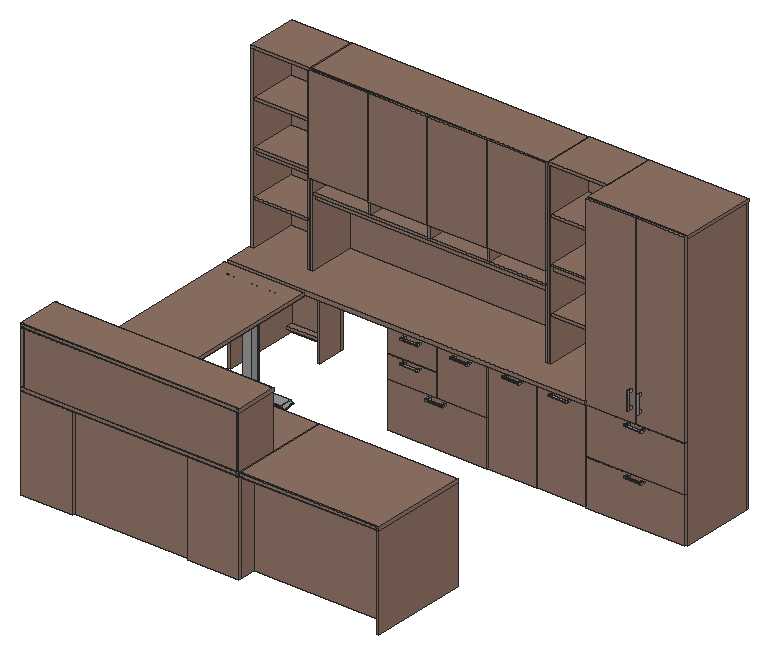
Revit family "JSI-Vision-Typical_Veneer-VSV112", category Furniture, Revit 2020
Family settings
  OmniClass Number = 23.40.20.00
  OmniClass Title = General Furniture and Specialties
  Work Plane-Based = No
  Always vertical = Yes
  Cut with Voids When Loaded = No
  Shared = No
  Room Calculation Point = No
Parameters (values of type "VSV112")
  URL = "www.jsifurniture.com"
  Type Comments = "Typical Veneer"  # constant formula
  Model = "VSV112"
  Manufacturer = "JSI"  # constant formula
  Keynote = "12500"
  Default Elevation = 0"
  Assembly Code = "E2020200"
Reference planes (in)
  plane 1 "Center Front/Back": y = 0
  plane 2: z = 0
  plane 3 "Center Left/Right": x = 0
Dimensions and locks (in)
  aligned and locked: level to plane 2
Nested families (in)
  nested 1: "JSI-Vision-Transaction_Counter" at (65.9375, -102.125, -0.813) x (-1, 0, 0) z (0, 0, 1), type "VSV1366TC, Veneer Transaction Counter 66"W"
    with Height 17.184", Depth 12.996"
  nested 2: "JSI-Vision-Double_Height_Overhead_Bookcase" at (90, 0, -0.8165), type "VSV1618DBO, Veneer Dbl Height Bookcase OH Cab. 16" x 18""
    with Width 18", Unit Centre 9", Depth 15.432"
  nested 3: "JSI-Vision-Modular_Wing_End_Support" at (0, -0.125, 0), type "VSV1624WEAL, Wing End Sup - Left"
    with Depth 24"
  nested 4: "JSI-Vision-Double_Height_Overhead_Cabinets_with_Cubbies" at (18.125, 0, -0.8165), type "VSV1672DSOC, Veneer Dbl H OH Cab. 16" x 72", 4 Doors w Cub"
    with Verticall Partition Distance 35 13/16", Unit Centre 36", Width 72", Door Width Actual 17 13/16", Door Array Spacing 17 15/16", Door Width 17 13/16", Bottom Partition Array Start Distance 17 7/8", Bottom Partition Array Space 17 1/2", Bottom Partition Array Distance 17 15/16", # of bottom Partition 3, # of Doors 4
  nested 5: "JSI-Vision-Credenza_Top" at (108, -24.125, 27.996) x (-1, 0, 0) z (0, 0, 1), type "VSV24108MCT, Veneer Credenza Top, 24" x 108""
    with Height 0", Width 108", Depth 24"
  nested 6: "JSI-Vision-File_File_Lateral_Storage_Cabinet" at (108, 0, 0), type "VSV2430-84FFT, Veneer 84" H Lat File Strg Cab 24" x 30""
    with Width 30", Unit Centre 15", Shelve Width 28 1/2", Drawer Pull Distance(Right) 7 7/16", Drawer Pull Distance(Left) 7 7/16", Door Width 14 7/8"
  nested 7: "JSI-Vision-Modular_Multi_File_Pedestal" at (48.125, -0.2655, 0), type "VSV3024MRM, Veneer Modular Multi File Ped - Right"
    with Multi Pstn 22 5/8", L no, Height 27.996", Depth 24"
  nested 8: "JSI-Vision-Modular_Door_Pedestal" at (78.125, 0.0625, 0), type "VSV3024MSC, Veneer Modular Door Ped"
    with Depth 24"
  nested 9: "JSI-Vision-Rectangle_Desk_Top" at (66, -72.125, -2.004), type "VSV3042MCT, Veneer Rectangular Desk Top, 30" x 42""
  nested 10: "JSI-Vision-Shell_Desk-Break_Front_Modesty" at (66, -102.125, 0) x (-1, 0, 0) z (0, 0, 1), type "VSV3066SHD, Veneer 30 x 66 Shell Desk , Break Front Modesty"
    with Width 66", Height 29.187"
  nested 11: "JSI-Vision_Modular_End_Panel_Return_Shell" at (118, -65.87337, 0) x (0, 1, 0) z (0, 0, 1), type "VSV30EP, Veneer  29 5/8  Modular End Panel for Return Shell"
    with Width 29 5/8", Height 28"
  nested 12: "JSI-Vision-Double_Height_Overhead_Bookcase" at (0.25, 0, -0.8165), type "VSV1618DBO, Veneer Dbl Height Bookcase OH Cab. 16" x 18""
    with Width 18", Unit Centre 9", Depth 15.432"
  nested 13: "JSI-Vision-Adjustable_Table_Height_Bridge-Standard_Range" at (0, -71.125, 0) x (0, 1, 0) z (0, 0, 1), type "VSV2446AHB-S - Adjustable Height Table Standard Range 46"W x 24"D"
  nested 14: "JSI-Vision-L_Bracket" at (66, -95.625, 14.92973) x (0, 1, 0) z (0, 0, 1), type "VSB-LBRKT-20, Matter Black L-Bracket 17"w"
  nested 15: "JSI-Vision-Modular_Break_Front_Modesty_Panel" at (66, -89.625, 0), type "VSV4128MDDE, Modular Break Front Modesty Panel 28"H, 40 5/8"W"
Definition of nested family "JSI-Vision-Transaction_Counter"
  Parameters (values of type "Type Catalog")
    Worksurface = none
    Width = 66"
    URL = "www.jsifurniture.com"
    Type Comments = ""
    Series = "Vision Casegoods"  # constant formula
    Model = "Type Catalog"
    Material = ""
    Manufacturer = "JSI"  # constant formula
    Keynote = "12500"
    JSI Enviromental Website = "http://www.jsifurniture.com/jsi_sustainability_intro.php"
    Height = 17 3/16"
    Desk Height = 30"
    Description = "Type Catalog"
    Depth = 13"
    Default Elevation = 0"
    Chassis = none
    Assembly Code = "E2020200"
  Reference planes (in)
    plane 1 "Center Front/Back": y = 0
    plane 2: z = 0
    plane 3 "Center Left/Right": x = 0
    plane 4: z = 0
    plane 5: x = 66
    plane 6: y = -13
    plane 7: z = 30
    plane 8: z = 47.1875
    plane 9: z = 46
    plane 10: x = 0.125
    plane 11: x = 0.875
    plane 12: x = 65.125
    plane 13: x = 65.875
    plane 14: y = -12.875
    plane 15: y = -0.125
    plane 16: y = -0.875
  Forms (in)
    Extrusion 1, solid, material <- "Worksurface"
      sketch origin (0, 0.25, 40.85066) x (0, 1, 0) y (0, 0, 1)
        loop
          line (-13.13189, 5.14934) -> (-0.36719, 5.14934)
          arc (-0.36719, 5.14934) -> (-0.28432, 5.18366) -> (-0.25, 5.26653) r 0.11719
          line (-0.25, 5.26653) -> (-0.25, 6.21965)
          arc (-0.25, 6.21965) -> (-0.28432, 6.30252) -> (-0.36719, 6.33684) r 0.11719
          line (-0.36719, 6.33684) -> (-13.13189, 6.33684)
          arc (-13.13189, 6.33684) -> (-13.21541, 6.30225) -> (-13.25, 6.21873) r 0.11811
          line (-13.25, 6.21873) -> (-13.25, 5.26745)
          arc (-13.25, 5.26745) -> (-13.21541, 5.18393) -> (-13.13189, 5.14934) r 0.11811
      from 0 to 66
    Extrusion 2, solid, material <- "Chassis"
      sketch origin (0, 0, 0) x (1, 0, 0) y (0, 1, 0)
        loop
          line (0.125, -0.125) -> (0.125, -12.875) -> (0.875, -12.875) -> (0.875, -0.125) -> (0.125, -0.125)
      from 30 to 46
    Extrusion 3, solid, material <- "Chassis"
      sketch origin (0, 0, 0) x (1, 0, 0) y (0, 1, 0)
        loop
          line (65.125, -0.125) -> (65.125, -12.875) -> (65.875, -12.875) -> (65.875, -0.125) -> (65.125, -0.125)
      from 30 to 46
    Extrusion 4, solid, material <- "Chassis"
      sketch origin (0, 0, 0) x (1, 0, 0) y (0, 1, 0)
        loop
          line (0.875, -0.875) -> (65.125, -0.875) -> (65.125, -0.125) -> (0.875, -0.125) -> (0.875, -0.875)
      from 30 to 46
  Lines and regions (in)
    symbolic lines
      curve 1: line (0, 0, 0) -> (66, 0, 0)
      curve 2: line (0, -13, 0) -> (0, 0, 0)
      curve 3: line (66, -13, 0) -> (0, -13, 0)
      curve 4: line (66, 0, 0) -> (66, -13, 0)
  Dimensions and locks (in)
    "Depth": plane 6 to plane 1 "Center Front/Back"
    "Width": plane 5 to plane 3 "Center Left/Right"
    "Desk Height": plane 7 to level
    "Height": plane 8 to plane 7
    locked: plane 8 to plane 9 at 1.1875
    plane 12 to plane 13 to plane 5 = 3/4" locked, 1/8" locked
    plane 3 "Center Left/Right" to plane 10 to plane 11 = 1/8" locked, 3/4" locked
    locked: plane 14 to plane 6 at 0.125
    plane 1 "Center Front/Back" to plane 15 to plane 16 = 1/8" locked, 3/4" locked
    aligned and locked: level to plane 2
    aligned and locked: plane 5 to Extrusion 1
    aligned and locked: curve 1 to Extrusion 1
    aligned and locked: curve 2 to Extrusion 1
    aligned and locked: curve 3 to plane 6
    aligned and locked: curve 4 to plane 5
    aligned and locked: plane 8 to Extrusion 1  (x2)
    aligned and locked: Extrusion 1 to plane 9  (x3)
    aligned and locked: Extrusion 1 to plane 1 "Center Front/Back"  (x3)
    aligned and locked: Extrusion 1 to plane 6  (x3)
    aligned and locked: plane 10 to Extrusion 2 sketch curve
    aligned and locked: plane 15 to Extrusion 2 sketch curve
    aligned and locked: Extrusion 2 sketch curve to plane 11
    aligned and locked: plane 14 to Extrusion 2 sketch curve
    aligned and locked: plane 14 to Extrusion 3 sketch curve
    aligned and locked: plane 12 to Extrusion 3 sketch curve
    aligned and locked: Extrusion 3 sketch curve to plane 13
    aligned and locked: plane 15 to Extrusion 3 sketch curve
    aligned and locked: Extrusion 2 to plane 7
    aligned and locked: plane 9 to Extrusion 2
    aligned and locked: plane 7 to Extrusion 3
    aligned and locked: plane 9 to Extrusion 3
    aligned and locked: plane 12 to Extrusion 4 sketch curve
    aligned and locked: Extrusion 4 sketch curve to plane 15
    aligned and locked: Extrusion 4 sketch curve to plane 11
    aligned and locked: Extrusion 4 to plane 16
    aligned and locked: Extrusion 4 to plane 7
    aligned and locked: plane 9 to Extrusion 4
  Automatic sketch dimensions
    Extrusion 1 sketch curve to plane 6 = 0"
    Extrusion 1 sketch curve to plane 8 = 0"
    Extrusion 1 sketch curve to plane 9 = 0"
    Extrusion 1 sketch curve to plane 1 "Center Front/Back" = 0"
    plane 6 to Extrusion 1 sketch curve = 0.11811"  (x2)
    plane 1 "Center Front/Back" to Extrusion 1 sketch curve = 15/128"
    Extrusion 1 sketch curve to Extrusion 1 sketch curve = 15/128"
    Extrusion 4 sketch curve to Extrusion 4 sketch curve = 3/4"
Definition of nested family "JSI-Vision-Double_Height_Overhead_Bookcase"
  Parameters (values of type "Type Catalog")
    Top = none
    Width = 36"
    Unit Centre = Width / 2  # 18"
    URL = "www.jsifurniture.com"
    Type Comments = ""
    Tag = "Open"
    Series = "Vision Casegoods"  # constant formula
    OH Elevation = 30"
    Model = "Type Catalog"
    Material = ""
    Manufacturer = "JSI"  # constant formula
    Keynote = "12500"
    JSI Enviromental Website = "http://www.jsifurniture.com/jsi_sustainability_intro.php"
    Height = 54"
    Grommet Finish = none
    Description = "Type Catalog"
    Depth = 15 7/16"
    Default Elevation = 0"
    Chassis = none
    Assembly Code = "E2020200"
  Reference planes (in)
    plane 1 "Center Front/Back": y = 0
    plane 2: z = 0
    plane 3 "Center Left/Right": x = 0
    plane 4: z = 0
    plane 5: y = -0.125
    plane 6: x = 0.125
    plane 7: x = 36
    plane 8: x = 35.875
    plane 9: y = -15.5625
    plane 10: y = -15.6875
    plane 11: y = -16.4375
    plane 12: x = 0.875
    plane 13: x = 35.125
    plane 14: x = 18
    plane 15: z = 84.5
    plane 16: z = 83.75
    plane 17: z = 30
    plane 18: x = 0.1875
    plane 19: x = 35.8125
    plane 20: z = 84
    plane 21: y = -0.9375
    plane 22: y = -1.6875
    plane 23: z = 56.875
    plane 24: z = 70.3125
    plane 25: z = 43.4375
    plane 26: z = 70.6875
    plane 27: z = 69.9375
    plane 28: z = 57.25
    plane 29: z = 56.5
    plane 30: z = 43.8125
    plane 31: z = 43.0625
    plane 32: y = -14.8125
    plane 33: y = -14.0625
    plane 34: z = 55
  Forms (in)
    Extrusion 1, solid, material <- "Chassis"
      sketch origin (0, 0, 0) x (1, 0, 0) y (0, 1, 0)
        loop
          line (0.125, -0.125) -> (0.125, -15.5625) -> (0.875, -15.5625) -> (0.875, -0.125) -> (0.125, -0.125)
      from 30 to 83.75
    Extrusion 2, solid, material <- "Chassis"
      sketch origin (0, 0, 0) x (1, 0, 0) y (0, 1, 0)
        loop
          line (35.125, -0.125) -> (35.125, -15.5625) -> (35.875, -15.5625) -> (35.875, -0.125) -> (35.125, -0.125)
      from 30 to 83.75
    Extrusion 3, solid, material <- "Chassis"
      sketch origin (102.12288, -0.9375, 48) x (1, 0, 0) y (0, 0, 1)
        loop
          line (-101.24788, 35.75) -> (-101.24788, -18) -> (-66.99788, -18) -> (-66.99788, 35.75) -> (-101.24788, 35.75)
      from 0 to 0.75
    Extrusion 4, solid, material <- "Top"
      sketch origin (60, -0.125, 48) x (1, 0, 0) y (0, 0, 1)
        loop
          line (-59.875, 36.5) -> (-59.875, 35.75) -> (-24.125, 35.75) -> (-24.125, 36.5) -> (-59.875, 36.5)
      from 0 to 15.4375
    Extrusion 5, solid, material <- "Chassis"
      sketch origin (60, -0.125, 48) x (1, 0, 0) y (0, 0, 1)
        loop
          line (-59.125, 22.6875) -> (-59.125, 21.9375) -> (-24.875, 21.9375) -> (-24.875, 22.6875) -> (-59.125, 22.6875)
      from 1.5625 to 15.4375
    Extrusion 6, solid, material <- "Chassis"
      sketch origin (60, -0.125, 48) x (1, 0, 0) y (0, 0, 1)
        loop
          line (-59.125, 9.25) -> (-59.125, 8.5) -> (-24.875, 8.5) -> (-24.875, 9.25) -> (-59.125, 9.25)
      from 1.5625 to 15.4375
    Extrusion 7, solid, material <- "Chassis"
      sketch origin (60, -0.125, 48) x (1, 0, 0) y (0, 0, 1)
        loop
          line (-59.125, -4.1875) -> (-59.125, -4.9375) -> (-24.875, -4.9375) -> (-24.875, -4.1875) -> (-59.125, -4.1875)
      from 1.5625 to 15.4375
    Extrusion 8, solid, material <- "Chassis"
      sketch origin (0, 0, 0) x (1, 0, 0) y (0, 1, 0)
        loop
          line (0.875, -14.0625) -> (0.875, -14.8125) -> (35.125, -14.8125) -> (35.125, -14.0625) -> (0.875, -14.0625)
      from 55 to 56.5
  Lines and regions (in)
    symbolic lines
      curve 1: line (35.875, -0.125, 0) -> (0.125, -0.125, 0)
      curve 2: line (0.125, -0.125, 0) -> (0.125, -15.5625, 0)
      curve 3: line (0.125, -15.5625, 0) -> (35.875, -15.5625, 0)
      curve 4: line (35.875, -15.5625, 0) -> (35.875, -0.125, 0)
  Dimensions and locks (in)
    locked: plane 3 "Center Left/Right" to plane 6 at 0.125
    "Width": plane 3 "Center Left/Right" to plane 7
    locked: plane 8 to plane 7 at 0.125
    locked: plane 10 to plane 9 at 0.125
    locked: plane 11 to plane 10 at 0.75
    locked: plane 5 to plane 1 "Center Front/Back" at 0.125
    locked: plane 6 to plane 12 at 0.75
    locked: plane 13 to plane 8 at 0.75
    "Unit Centre": plane 3 "Center Left/Right" to plane 14
    locked: plane 15 to plane 16 at 0.75
    "OH Elevation": plane 17 to plane 4
    locked: plane 6 to plane 18 at 0.0625
    locked: plane 19 to plane 8 at 0.0625
    "Depth": plane 9 to plane 5
    locked: plane 15 to plane 20 at 0.5
    "Height": plane 20 to plane 17
    plane 22 to plane 21 to plane 5 = 3/4" locked, 13/16" locked
    equal spacing: plane 16, plane 23, plane 17
    equal spacing: plane 16, plane 24, plane 23
    equal spacing: plane 23, plane 25, plane 17
    plane 26 to plane 24 to plane 27 = 3/8" locked, 3/8" locked
    plane 28 to plane 23 to plane 29 = 3/8" locked, 3/8" locked
    plane 30 to plane 25 to plane 31 = 3/8" locked, 3/8" locked
    plane 9 to plane 32 to plane 33 = 3/4" locked, 3/4" locked
    locked: plane 29 to plane 34 at 1.5
    aligned and locked: level to plane 2
    aligned and locked: plane 6 to Extrusion 1 sketch curve
    aligned and locked: Extrusion 1 sketch curve to plane 9
    aligned and locked: Extrusion 1 sketch curve to plane 12
    aligned and locked: plane 5 to Extrusion 1 sketch curve
    aligned and locked: plane 13 to Extrusion 2 sketch curve
    aligned and locked: Extrusion 2 sketch curve to plane 9
    aligned and locked: Extrusion 2 sketch curve to plane 8
    aligned and locked: plane 5 to Extrusion 2 sketch curve
    aligned and locked: plane 16 to Extrusion 3
    aligned and locked: Extrusion 3 to plane 21
    aligned and locked: plane 22 to Extrusion 3
    aligned and locked: plane 12 to Extrusion 3 sketch curve
    aligned and locked: Extrusion 3 sketch curve to plane 13
    aligned and locked: plane 16 to Extrusion 1
    aligned and locked: Extrusion 1 to plane 17
    aligned and locked: plane 16 to Extrusion 2
    aligned and locked: Extrusion 2 to plane 17
    aligned and locked: plane 16 to Extrusion 4 sketch curve
    aligned and locked: Extrusion 4 sketch curve to plane 15
    aligned and locked: Extrusion 4 sketch curve to plane 8
    aligned and locked: plane 6 to Extrusion 4 sketch curve
    aligned and locked: Extrusion 4 to plane 5
    aligned and locked: plane 9 to Extrusion 4
    aligned and locked: Extrusion 5 sketch curve to plane 26
    aligned and locked: plane 27 to Extrusion 5 sketch curve
    aligned and locked: plane 12 to Extrusion 5 sketch curve
    aligned and locked: Extrusion 5 sketch curve to plane 13
    aligned and locked: Extrusion 5 to plane 22
    aligned and locked: plane 9 to Extrusion 5
    aligned and locked: Extrusion 6 sketch curve to plane 28
    aligned and locked: plane 29 to Extrusion 6 sketch curve
    aligned and locked: Extrusion 6 sketch curve to plane 13
    aligned and locked: plane 12 to Extrusion 6 sketch curve
    aligned and locked: Extrusion 7 sketch curve to plane 30
    aligned and locked: plane 31 to Extrusion 7 sketch curve
    aligned and locked: Extrusion 7 sketch curve to plane 13
    aligned and locked: plane 12 to Extrusion 7 sketch curve
    aligned and locked: Extrusion 6 to plane 22
    aligned and locked: plane 9 to Extrusion 6
    aligned and locked: Extrusion 7 to plane 22
    aligned and locked: plane 9 to Extrusion 7
    aligned and locked: plane 33 to Extrusion 8 sketch curve
    aligned and locked: Extrusion 8 sketch curve to plane 32
    aligned and locked: Extrusion 8 sketch curve to plane 13
    aligned and locked: plane 12 to Extrusion 8 sketch curve
    aligned and locked: plane 29 to Extrusion 8
    aligned and locked: Extrusion 8 to plane 34
    aligned and locked: plane 14 to nested 1
    aligned and locked: plane 9 to nested 1
    aligned and locked: curve 1 to Extrusion 4
    aligned and locked: curve 2 to Extrusion 4
    aligned and locked: curve 3 to Extrusion 4
    aligned and locked: curve 4 to Extrusion 4
  Automatic sketch dimensions
    Extrusion 3 sketch curve to plane 17 = 0"
    Extrusion 3 sketch curve to plane 16 = 0"
  Nested families (in)
    nested 1: "Label 1-16 OH" at (18, -15.5625, 0), type "OH DOORS"
  Definition of nested family "Label 1-16 OH"
    Parameters
      Width = 1"
      Model Name = "4 Doors"
    Reference planes (in)
      plane 1: y = 0
      plane 2: x = 0
    Text (in)
      label "XX" at (0.00051, -0.12324, 0), shows "Model Name"
Definition of nested family "JSI-Vision-Modular_Wing_End_Support"
  Parameters (values of type "Wing End Sup - Type Catalog Family")
    Width = 16"
    URL = "www.jsifurniture.com"
    Series = "Vision Casegoods"  # constant formula
    Pnl Pstn = if(L, 1/8", Width - 7/8")  # 1/8"
    Model = "Type Catalog"
    Manufacturer = "JSI"  # constant formula
    L = yes
    Keynote = "12500"  # constant formula
    JSI Enviromental website = "http://www.jsifurniture.com/jsi_sustainability_intro.php"
    Height = 28"
    Grommet Finish = none
    Description = "Type Catalog"
    Depth = 20"
    Default Elevation = 0"
    Chassis = none
    Assembly Code = "E2020200"
  Reference planes (in)
    plane 1 "Center Front/Back": y = 0
    plane 2: z = 0
    plane 3 "Center Left/Right": x = 0
    plane 4: x = 0.125
    plane 5: x = 15.875
    plane 6: x = 16
    plane 7: y = -0.1875
    plane 8: z = 28
    plane 9: x = 0.875
    plane 10: x = 15.126
    plane 11: y = -20
    plane 12: y = -19.8125
    plane 13: y = -0.9375
    plane 14: x = 0.125
    plane 15: x = 15.875
  Forms (in)
    Extrusion 1, solid, material <- "Chassis"
      sketch origin (0, 0, 0) x (1, 0, 0) y (0, 1, 0)
        loop
          line (0.125, -0.1875) -> (0.125, -0.9375) -> (15.875, -0.9375) -> (15.875, -0.1875) -> (0.125, -0.1875)
      from 0 to 28
    Extrusion 2, solid, material <- "Chassis"
      sketch origin (0.125, -0.1875, 48) x (0, 1, 0) y (0, 0, 1)
        loop
          line (-0.75, -20) -> (-19.625, -20) -> (-19.625, -48) -> (-0.75, -48) -> (-0.75, -20)
      from 0 to 0.75
    Extrusion 3, solid, material <- "Chassis"
      sketch origin (15.875, -0.1875, 48) x (0, 1, 0) y (0, 0, 1)
        loop
          line (-0.75, -20) -> (-4.75, -20) -> (-4.75, -48) -> (-0.75, -48) -> (-0.75, -20)
      from -0.749 to 0
    Extrusion 4, solid, material <- "Chassis"
      sketch origin (0, 0, 0) x (0, 1, 0) y (0, 0, 1)
        loop
          line (-0.9375, 1.75) -> (-0.9375, 2.5) -> (-2.875, 2.5) -> (-2.875, 1.75) -> (-0.9375, 1.75)
      from 0.875 to 15.126
  Lines and regions (in)
    symbolic lines
      curve 1: line (15.875, -0.1875, 0) -> (0.125, -0.1875, 0)
      curve 2: line (0.125, -19.8125, 0) -> (0.125, -0.1875, 0)
      curve 3: line (15.875, -0.1875, 0) -> (15.875, -4.9375, 0)
      curve 4: line (0.125, -0.9375, 0) -> (15.875, -0.9375, 0)
      curve 5: line (0.875, -0.9375, 0) -> (0.875, -19.8125, 0)
      curve 6: line (0.125, -19.8125, 0) -> (0.875, -19.8125, 0)
      curve 7: line (15.126, -0.9375, 0) -> (15.126, -4.9375, 0)
      curve 8: line (15.126, -4.9375, 0) -> (15.875, -4.9375, 0)
  Dimensions and locks (in)
    locked: plane 1 "Center Front/Back" to plane 7 at 0.1875
    "Height": plane 8 to level
    locked: plane 4 to plane 9 at 0.75
    locked: plane 10 to plane 5 at 0.749
    "Depth": plane 11 to plane 1 "Center Front/Back"
    "Width": plane 3 "Center Left/Right" to plane 6
    locked: plane 3 "Center Left/Right" to plane 14 at 0.125
    locked: plane 15 to plane 6 at 0.125
    locked: Extrusion 1 to Extrusion 4 at 0.75
    locked: Extrusion 4 to Extrusion 1 at 0.749
    "Pnl Pstn": plane 3 "Center Left/Right" to plane 4
    "Pnl Pstn": plane 5 to plane 6
    locked: plane 12 to plane 11 at 0.1875
    Extrusion 4 to Extrusion 4 to plane 2 = 3/4" locked, 1 3/4" locked
    locked: plane 13 to Extrusion 4 at 1.9375
    aligned and locked: level to plane 2
    aligned and locked: Extrusion 1 sketch curve to plane 7
    aligned and locked: Extrusion 2 sketch curve to level
    aligned and locked: Extrusion 3 sketch curve to plane 8
    aligned and locked: level to Extrusion 3 sketch curve
    aligned and locked: Extrusion 2 to plane 12
    aligned and locked: plane 13 to Extrusion 2
    aligned and locked: plane 9 to Extrusion 2
    aligned and locked: Extrusion 2 to plane 4
    aligned and locked: Extrusion 1 to plane 14
    aligned and locked: plane 15 to Extrusion 1
    aligned and locked: curve 6 to plane 12
    aligned and locked: plane 13 to Extrusion 4 sketch curve
    aligned and locked: plane 13 to Extrusion 3
    aligned and locked: plane 14 to curve 1
  Automatic sketch dimensions
    plane 11 to Extrusion 3 sketch curve = 15 1/16"
    Extrusion 2 sketch curve to plane 8 = 0"
    plane 12 to Extrusion 2 sketch curve = 0"
    Extrusion 1 sketch curve to plane 7 = 3/4"
    Extrusion 2 sketch curve to plane 7 = 3/4"
    Extrusion 3 sketch curve to plane 7 = 3/4"
    Extrusion 1 sketch curve to plane 4 = 0"
    plane 5 to Extrusion 1 sketch curve = 0"
    curve 7 to plane 10 = 0"
    curve 3 to plane 5 = 0"
    curve 2 to plane 4 = 0"
    curve 6 to plane 9 = 0"
    curve 1 to plane 15 = 0"
    curve 4 to plane 13 = 0"
    curve 7 to plane 13 = 0"
    curve 5 to plane 13 = 0"
    curve 2 to plane 7 = 0"
    level to Extrusion 4 sketch curve = 1 3/4"
    Extrusion 4 sketch curve to Extrusion 4 sketch curve = 3/4"
    curve 3 to curve 4 = 4"
    Extrusion 4 sketch curve to plane 13 = 1 15/16"
Definition of nested family "JSI-Vision-Double_Height_Overhead_Cabinets_with_Cubbies"
  Parameters (values of type "Double Height Overhead Cab. with Cubbies - Type Catalog Family")
    Verticall Partition Distance = (Door Width * 2) + 3/16"  # 29.85417"
    Unit Centre = Width / 2  # 45"
    Top = none
    Width = 90"
    URL = "www.jsifurniture.com"
    Type Comments = ""
    Tag = "6 Doors"
    Series = "Vision Casegoods"  # constant formula
    Right Vertical Partition = yes
    Overhead Height = 26 1/2"
    OH Elevation = 30"
    Model = "Type Catalog"
    Material = ""
    Manufacturer = "JSI"  # constant formula
    Left Vertical Partition = yes
    Keynote = "12500"
    JSI Enviromental Website = "http://www.jsifurniture.com/jsi_sustainability_intro.php"
    Height = 54"
    Grommet Finish = none
    Gromett Height = OH Elevation + 18 5/8"  # 48 5/8"
    Door Width Actual = if(# of Doors > 4, (((Width - 1")) / # of Doors), if(# of Doors > 3, (((Width - 1") / # of Doors) + 1/16"), if(# of Doors > 2, (((Width - 1 1/8" + 1/8") / # of Doors) + 1/8"), (((Width - 1 1/8" + 1/8") / # of Doors) + 1/4"))))  # 14.83333"
    Door Array Spacing = Door Width + 1/8"  # 14.95833"
    Door Width = Door Width Actual  # 14.83333"
    Door Front = none
    Door Align Spacing = 1/16"
    Description = "Type Catalog"
    Depth = 16"
    Default Elevation = 0"
    Chassis = none
    Bottom Partition Array Start Distance = if(# of Doors > 4, (((Width - 1") / # of Doors) + 1/16"), if(# of Doors > 3, (((Width - 1") / # of Doors) + 1/8"), if(# of Doors > 2, (((Width - 1") / # of Doors) + 3/16"), (((Width - 1") / # of Doors) + 1/4"))))  # 14.89583"
    Bottom Partition Array Space = Bottom Partition Array Start Distance - 3/8"  # 14.52083"
    Bottom Partition Array Distance = if(# of Doors > 2, (Verticall Partition Distance - Bottom Partition Array Start Distance), 0")  # 14.95833"
    Assembly Code = "E2020200"
    # of bottom Partition = if(# of Doors > 2, (# of Doors - 1), # of Doors)  # 5
    # of Doors = if(Width > 89", 6, (if(Width > 53", 4, (if(Width > 41", 3, (if(Width > 30", 2, 2)))))))  # 6
  Reference planes (in)
    plane 1 "Center Front/Back": y = 0
    plane 2: z = 0
    plane 3 "Center Left/Right": x = 0
    plane 4: z = 0
    plane 5: y = -0.125
    plane 6: x = 90
    plane 7: x = 0.125
    plane 8: x = 89.875
    plane 9: y = -15.5625
    plane 10: y = -16
    plane 11: z = 84.5
    plane 12: z = 84
    plane 13: x = 0.875
    plane 14: x = 89.125
    plane 15: y = -0.875
    plane 16: y = -0.9375
    plane 17: y = -1.6875
    plane 18: z = 83.75
    plane 19: z = 56.5
    plane 20: z = 57.25
    plane 21: z = 49
    plane 22: y = -14.8125
    plane 23: y = -14.0625
    plane 24: z = 70.5
    plane 25: z = 70.875
    plane 26: z = 70.125
    plane 27: x = 0.1875
    plane 28: x = 89.8125
    plane 29: z = 84.4375
    plane 30: z = 55.1875
    plane 31: y = -15.6875
    plane 32: y = -16.4375
    plane 33: x = 45
    plane 34: x = 30.04167
    plane 35: x = 59.95833
    plane 36: x = 29.66667
    plane 37: x = 30.41667
    plane 38: x = 59.58333
    plane 39: x = 60.33333
    plane 40 "Not a Reference": x = 6.875
    plane 41: x = 83.125
    plane 42: z = 50.5
    plane 43: z = 51.25
    plane 44: x = 44.625
    plane 45: x = 45.375
    plane 46: x = 0.5
    plane 47: x = 89.5
    plane 48: x = 15.08333
    plane 49: x = 14.70833
    plane 50: x = 15.45833
    plane 51: z = 30
  Forms (in)
    Extrusion 1, solid, material <- "Chassis"
      sketch origin (0, 0, 0) x (1, 0, 0) y (0, 1, 0)
        loop
          line (0.125, -0.125) -> (0.125, -15.5625) -> (0.875, -15.5625) -> (0.875, -0.125) -> (0.125, -0.125)
      from 30 to 83.75
    Extrusion 2, solid, material <- "Chassis"
      sketch origin (0, 0, 0) x (1, 0, 0) y (0, 1, 0)
        loop
          line (89.875, -0.125) -> (89.125, -0.125) -> (89.125, -15.5625) -> (89.875, -15.5625) -> (89.875, -0.125)
      from 30 to 83.75
    Extrusion 3, solid, material <- "Top"
      sketch origin (0, 0, 0) x (1, 0, 0) y (0, 0, 1)
        loop
          line (0.125, 84.5) -> (0.125, 83.75) -> (89.875, 83.75) -> (89.875, 84.5) -> (0.125, 84.5)
      from 0.125 to 15.5625
    Extrusion 4, solid, material <- "Chassis"
      sketch origin (0, 0, 0) x (1, 0, 0) y (0, 0, 1)
        loop
          line (0.875, 57.25) -> (0.875, 56.5) -> (89.125, 56.5) -> (89.125, 57.25) -> (0.875, 57.25)
      from 1.6875 to 15.5625
    Extrusion 5, solid, material <- "Chassis"
      sketch origin (0, 0, 0) x (1, 0, 0) y (0, 1, 0)
        loop
          line (0.875, -14.0625) -> (0.875, -14.8125) -> (89.125, -14.8125) -> (89.125, -14.0625) -> (0.875, -14.0625)
      from 49 to 50.5
    Extrusion 6, solid, material <- "Chassis"
      sketch origin (0, 0, 0) x (1, 0, 0) y (0, 0, 1)
        loop
          line (0.875, 70.875) -> (0.875, 70.125) -> (89.125, 70.125) -> (89.125, 70.875) -> (0.875, 70.875)
      from 1.6875 to 15.5625
    Extrusion 7, solid, material <- "Door Front"
      sketch origin (-3.04167, 0, 31.5) x (1, 0, 0) y (0, 1, 0)
        loop
          line (3.22917, -15.6875) -> (3.22917, -16.4375) -> (18.0625, -16.4375) -> (18.0625, -15.6875) -> (3.22917, -15.6875)
      from 23.6875 to 52.9375
    Extrusion 8, solid, material <- "Door Front"
      sketch origin (11.91667, 0, 31.5) x (1, 0, 0) y (0, 1, 0)
        loop
          line (3.22917, -15.6875) -> (3.22917, -16.4375) -> (18.0625, -16.4375) -> (18.0625, -15.6875) -> (3.22917, -15.6875)
      from 23.6875 to 52.9375
    Extrusion 9, solid, material <- "Chassis", visible <- "Left Vertical Partition"
      sketch origin (0, 0, 0) x (1, 0, 0) y (0, 1, 0)
        loop
          line (29.66667, -1.6875) -> (29.66667, -15.5625) -> (30.41667, -15.5625) -> (30.41667, -1.6875) -> (29.66667, -1.6875)
      from 57.25 to 83.75
    Extrusion 10, solid, material <- "Chassis", visible <- "Right Vertical Partition"
      sketch origin (0, 0, 0) x (1, 0, 0) y (0, 1, 0)
        loop
          line (59.58333, -1.6875) -> (59.58333, -15.5625) -> (60.33333, -15.5625) -> (60.33333, -1.6875) -> (59.58333, -1.6875)
      from 57.25 to 83.75
    Extrusion 11, solid, material <- "Chassis"
      sketch origin (130.61992, -0.9375, 48) x (1, 0, 0) y (0, 0, 1)
        loop
          line (-129.74492, 35.75) -> (-129.74492, -18) -> (-41.49492, -18) -> (-41.49492, 35.75) -> (-129.74492, 35.75)
        loop
          circle (-120.24544, 1.90525) r 0.33594
        loop
          circle (-50.99441, 1.90525) r 0.33594
      from 0 to 0.75
    Extrusion 12, solid, material <- "Chassis"
      sketch origin (130.61992, -0.9375, 48) x (1, 0, 0) y (0, 0, 1)
        loop
          line (-129.74492, 2.5) -> (-41.49492, 2.5) -> (-41.49492, 3.25) -> (-129.74492, 3.25) -> (-129.74492, 2.5)
      from 0.75 to 14.625
    Extrusion 13, solid, material <- "Chassis"
      sketch origin (-3, 0, 30) x (1, 0, 0) y (0, 1, 0)
        loop
          line (17.70833, -1.6875) -> (17.70833, -15.5625) -> (18.45833, -15.5625) -> (18.45833, -1.6875) -> (17.70833, -1.6875)
      from 21.25 to 26.5
    Extrusion 14, solid, material <- "Chassis"
      sketch origin (11.95833, 0, 30) x (1, 0, 0) y (0, 1, 0)
        loop
          line (17.70833, -1.6875) -> (17.70833, -15.5625) -> (18.45833, -15.5625) -> (18.45833, -1.6875) -> (17.70833, -1.6875)
      from 21.25 to 26.5
    Extrusion 15, solid, material <- "Door Front"
      sketch origin (26.875, 0, 31.5) x (1, 0, 0) y (0, 1, 0)
        loop
          line (3.22917, -15.6875) -> (3.22917, -16.4375) -> (18.0625, -16.4375) -> (18.0625, -15.6875) -> (3.22917, -15.6875)
      from 23.6875 to 52.9375
    Extrusion 16, solid, material <- "Door Front"
      sketch origin (41.83333, 0, 31.5) x (1, 0, 0) y (0, 1, 0)
        loop
          line (3.22917, -15.6875) -> (3.22917, -16.4375) -> (18.0625, -16.4375) -> (18.0625, -15.6875) -> (3.22917, -15.6875)
      from 23.6875 to 52.9375
    Extrusion 17, solid, material <- "Door Front"
      sketch origin (56.79167, 0, 31.5) x (1, 0, 0) y (0, 1, 0)
        loop
          line (3.22917, -15.6875) -> (3.22917, -16.4375) -> (18.0625, -16.4375) -> (18.0625, -15.6875) -> (3.22917, -15.6875)
      from 23.6875 to 52.9375
    Extrusion 18, solid, material <- "Door Front"
      sketch origin (71.75, 0, 31.5) x (1, 0, 0) y (0, 1, 0)
        loop
          line (3.22917, -15.6875) -> (3.22917, -16.4375) -> (18.0625, -16.4375) -> (18.0625, -15.6875) -> (3.22917, -15.6875)
      from 23.6875 to 52.9375
    Extrusion 19, solid, material <- "Chassis"
      sketch origin (26.91667, 0, 30) x (1, 0, 0) y (0, 1, 0)
        loop
          line (17.70833, -1.6875) -> (17.70833, -15.5625) -> (18.45833, -15.5625) -> (18.45833, -1.6875) -> (17.70833, -1.6875)
      from 21.25 to 26.5
    Extrusion 20, solid, material <- "Chassis"
      sketch origin (41.875, 0, 30) x (1, 0, 0) y (0, 1, 0)
        loop
          line (17.70833, -1.6875) -> (17.70833, -15.5625) -> (18.45833, -15.5625) -> (18.45833, -1.6875) -> (17.70833, -1.6875)
      from 21.25 to 26.5
    Extrusion 21, solid, material <- "Chassis"
      sketch origin (56.83333, 0, 30) x (1, 0, 0) y (0, 1, 0)
        loop
          line (17.70833, -1.6875) -> (17.70833, -15.5625) -> (18.45833, -15.5625) -> (18.45833, -1.6875) -> (17.70833, -1.6875)
      from 21.25 to 26.5
  Lines and regions (in)
    symbolic lines
      curve 1: line (89.875, -0.125, 0) -> (0.125, -0.125, 0)
      curve 2: line (0.125, -0.125, 0) -> (0.125, -15.5625, 0)
      curve 3: line (89.875, -15.5625, 0) -> (89.875, -0.125, 0)
      curve 4: line (0.125, -15.5625, 0) -> (89.875, -15.5625, 0)
      curve 5: line (0.1875, -15.6875, 0) -> (15.02083, -15.6875, 0)
      curve 6: line (0.1875, -16.4375, 0) -> (0.1875, -15.6875, 0)
      curve 7: line (15.02083, -16.4375, 0) -> (0.1875, -16.4375, 0)
      curve 8: line (15.02083, -15.6875, 0) -> (15.02083, -16.4375, 0)
      curve 9: line (15.14583, -15.6875, 0) -> (29.97917, -15.6875, 0)
      curve 10: line (15.14583, -16.4375, 0) -> (15.14583, -15.6875, 0)
      curve 11: line (29.97917, -16.4375, 0) -> (15.14583, -16.4375, 0)
      curve 12: line (29.97917, -15.6875, 0) -> (29.97917, -16.4375, 0)
      curve 13: line (30.10417, -15.6875, 0) -> (44.9375, -15.6875, 0)
      curve 14: line (30.10417, -16.4375, 0) -> (30.10417, -15.6875, 0)
      curve 15: line (44.9375, -16.4375, 0) -> (30.10417, -16.4375, 0)
      curve 16: line (44.9375, -15.6875, 0) -> (44.9375, -16.4375, 0)
      curve 17: line (45.0625, -15.6875, 0) -> (59.89583, -15.6875, 0)
      curve 18: line (45.0625, -16.4375, 0) -> (45.0625, -15.6875, 0)
      curve 19: line (59.89583, -16.4375, 0) -> (45.0625, -16.4375, 0)
      curve 20: line (59.89583, -15.6875, 0) -> (59.89583, -16.4375, 0)
      curve 21: line (60.02083, -15.6875, 0) -> (74.85417, -15.6875, 0)
      curve 22: line (60.02083, -16.4375, 0) -> (60.02083, -15.6875, 0)
      curve 23: line (74.85417, -16.4375, 0) -> (60.02083, -16.4375, 0)
      curve 24: line (74.85417, -15.6875, 0) -> (74.85417, -16.4375, 0)
      curve 25: line (74.97917, -15.6875, 0) -> (89.8125, -15.6875, 0)
      curve 26: line (74.97917, -16.4375, 0) -> (74.97917, -15.6875, 0)
      curve 27: line (89.8125, -16.4375, 0) -> (74.97917, -16.4375, 0)
      curve 28: line (89.8125, -15.6875, 0) -> (89.8125, -16.4375, 0)
  Dimensions and locks (in)
    locked: plane 3 "Center Left/Right" to plane 7 at 0.125
    locked: plane 8 to plane 6 at 0.125
    locked: plane 5 to plane 1 "Center Front/Back" at 0.125
    plane 10 to plane 9 to plane 22 to plane 23 = 7/16" locked, 3/4" locked, 3/4" locked
    "Width": plane 3 "Center Left/Right" to plane 6
    "Depth": plane 10 to plane 1 "Center Front/Back"
    locked: plane 11 to plane 12 at 0.5
    locked: plane 7 to plane 13 at 0.75
    locked: plane 14 to plane 8 at 0.75
    locked: plane 15 to plane 5 at 0.75
    plane 17 to plane 16 to plane 5 = 3/4" locked, 13/16" locked
    locked: plane 11 to plane 18 at 0.75
    locked: plane 20 to plane 19 at 0.75
    equal spacing: plane 18, plane 24, plane 20
    plane 25 to plane 24 to plane 26 = 3/8" locked, 3/8" locked
    locked: plane 11 to plane 29 at 0.0625
    locked: plane 19 to plane 30 at 1.3125
    plane 32 to plane 31 to plane 9 = 3/4" locked, 1/8" locked
    "Door Width": Extrusion 7 sketch curve to Extrusion 7 sketch curve
    "Door Width": Extrusion 8 sketch curve to Extrusion 8 sketch curve
    equal spacing: group 1, group 2, group 5, group 6, group 7, group 8  (x3)
    "Door Array Spacing": Extrusion 7 to Extrusion 8
    "Verticall Partition Distance": plane 27 to plane 34
    plane 36 to plane 34 to plane 37 = 3/8" locked, 3/8" locked
    plane 38 to plane 35 to plane 39 = 3/8" locked, 3/8" locked
    "Verticall Partition Distance": plane 35 to plane 28
    "Unit Centre": plane 3 "Center Left/Right" to plane 33
    locked: plane 13 to plane 40 "Not a Reference" at 6
    locked: plane 41 to plane 14 at 6
    "Door Align Spacing": plane 7 to plane 27
    "Door Align Spacing": plane 28 to plane 8
    locked: plane 19 to plane 42 at 6
    plane 43 to plane 42 to plane 21 = 3/4" locked, 1 1/2" locked
    locked: plane 46 to plane 13 at 0.375
    locked: plane 14 to plane 47 at 0.375
    "Bottom Partition Array Start Distance": plane 27 to plane 48
    plane 49 to plane 48 to plane 50 = 3/8" locked, 3/8" locked
    equal spacing: group 3, group 4, group 9, group 10, group 11  (x3)
    "Bottom Partition Array Distance": Extrusion 13 to Extrusion 14
    "Bottom Partition Array Space": plane 27 to Extrusion 13
    plane 44 to plane 33 to plane 45 = 3/8" locked, 3/8" locked
    "Door Width": Extrusion 15 sketch curve to Extrusion 15 sketch curve
    "Door Width": Extrusion 16 sketch curve to Extrusion 16 sketch curve
    "Door Width": Extrusion 17 sketch curve to Extrusion 17 sketch curve
    "Door Width": Extrusion 18 sketch curve to Extrusion 18 sketch curve
    "OH Elevation": plane 51 to plane 4
    "Height": plane 12 to plane 51
    "Overhead Height": plane 19 to plane 51
    locked: Extrusion 11 sketch curve to Extrusion 11 sketch curve at 9.49948  (x2)
    locked: Extrusion 11 sketch curve to Extrusion 11 sketch curve at 33.84475  (x2)
    aligned and locked: level to plane 2
    aligned and locked: plane 5 to Extrusion 1 sketch curve
    aligned and locked: plane 7 to Extrusion 1 sketch curve
    aligned and locked: Extrusion 1 sketch curve to plane 13
    aligned and locked: Extrusion 2 sketch curve to plane 5
    aligned and locked: plane 8 to Extrusion 2 sketch curve
    aligned and locked: Extrusion 2 sketch curve to plane 14
    aligned and locked: Extrusion 3 sketch curve to plane 11
    aligned and locked: plane 7 to Extrusion 3 sketch curve
    aligned and locked: Extrusion 3 to plane 5
    aligned and locked: plane 9 to Extrusion 1
    aligned and locked: plane 9 to Extrusion 2
    aligned and locked: plane 9 to Extrusion 3
    aligned and locked: Extrusion 4 sketch curve to plane 20
    aligned and locked: plane 13 to Extrusion 4 sketch curve
    aligned and locked: plane 19 to Extrusion 4 sketch curve
    aligned and locked: Extrusion 4 sketch curve to plane 14
    aligned and locked: Extrusion 4 to plane 17
    aligned and locked: plane 9 to Extrusion 4
    aligned and locked: plane 23 to Extrusion 5 sketch curve
    aligned and locked: plane 13 to Extrusion 5 sketch curve
    aligned and locked: Extrusion 5 sketch curve to plane 22
    aligned and locked: Extrusion 5 sketch curve to plane 14
    aligned and locked: Extrusion 5 to plane 21
    aligned and locked: Extrusion 6 sketch curve to plane 25
    aligned and locked: plane 13 to Extrusion 6 sketch curve
    aligned and locked: plane 26 to Extrusion 6 sketch curve
    aligned and locked: Extrusion 6 sketch curve to plane 14
    aligned and locked: Extrusion 6 to plane 17
    aligned and locked: plane 9 to Extrusion 6
    aligned and locked: Extrusion 7 to plane 27
    aligned and locked: plane 17 to Extrusion 9 sketch curve
    aligned and locked: plane 36 to Extrusion 9 sketch curve
    aligned and locked: Extrusion 9 sketch curve to plane 9
    aligned and locked: Extrusion 9 sketch curve to plane 37
    aligned and locked: plane 17 to Extrusion 10 sketch curve
    aligned and locked: plane 38 to Extrusion 10 sketch curve
    aligned and locked: Extrusion 10 sketch curve to plane 9
    aligned and locked: Extrusion 10 sketch curve to plane 39
    aligned and locked: plane 18 to Extrusion 9
    aligned and locked: Extrusion 9 to plane 20
    aligned and locked: plane 18 to Extrusion 10
    aligned and locked: Extrusion 10 to plane 20
    aligned and locked: Extrusion 1 to Extrusion 11 sketch curve
    aligned and locked: Extrusion 11 sketch curve to Extrusion 1
    aligned and locked: Extrusion 11 sketch curve to Extrusion 2
    aligned and locked: Extrusion 11 to plane 16
    aligned and locked: plane 17 to Extrusion 11
    aligned and locked: Extrusion 7 to plane 30
    aligned and locked: Extrusion 12 sketch curve to plane 42
    aligned and locked: Extrusion 12 sketch curve to plane 43
    aligned and locked: Extrusion 12 sketch curve to plane 13
    aligned and locked: Extrusion 12 sketch curve to plane 14
    aligned and locked: Extrusion 12 to plane 17
    aligned and locked: plane 9 to Extrusion 12
    aligned and locked: plane 42 to Extrusion 5
    aligned and locked: Extrusion 13 to plane 43
    aligned and locked: plane 19 to Extrusion 13
    aligned and locked: plane 33 to nested 1
    aligned and locked: plane 32 to nested 1
    aligned and locked: plane 30 to Extrusion 7  (x3)
    aligned and locked: Extrusion 8 to plane 30
    aligned and locked: Extrusion 13 to plane 19  (x2)
    aligned and locked: plane 43 to Extrusion 13  (x2)
    aligned and locked: plane 19 to Extrusion 14
    aligned and locked: Extrusion 14 to plane 43
    aligned and locked: plane 29 to Extrusion 7
    aligned and locked: plane 18 to Extrusion 1
    aligned and locked: plane 18 to Extrusion 2
    aligned and locked: curve 1 to Extrusion 3
    aligned and locked: curve 2 to Extrusion 3
    aligned and locked: curve 3 to Extrusion 3
    aligned and locked: curve 4 to Extrusion 3
    aligned and locked: Extrusion 7 to plane 29
    aligned and locked: plane 29 to Extrusion 8
    aligned and locked: Extrusion 14 to plane 19
    aligned and locked: plane 43 to Extrusion 14
    aligned and locked: Extrusion 1 to plane 51
    aligned and locked: Extrusion 2 to plane 51
    aligned and locked: Extrusion 11 sketch curve to plane 51
    aligned and locked: curve 5 to Extrusion 7
    aligned and locked: curve 6 to Extrusion 7
    aligned and locked: curve 7 to Extrusion 7
    aligned and locked: curve 8 to Extrusion 7
    aligned and locked: curve 9 to Extrusion 8
    aligned and locked: curve 10 to Extrusion 8
    aligned and locked: curve 11 to Extrusion 8
    aligned and locked: curve 12 to Extrusion 8
    aligned and locked: curve 13 to Extrusion 15
    aligned and locked: curve 14 to Extrusion 15
    aligned and locked: curve 15 to Extrusion 15
    aligned and locked: curve 16 to Extrusion 15
    aligned and locked: curve 17 to Extrusion 16
    aligned and locked: curve 18 to Extrusion 16
    aligned and locked: curve 19 to Extrusion 16
    aligned and locked: curve 20 to Extrusion 16
    aligned and locked: curve 21 to Extrusion 17
    aligned and locked: curve 22 to Extrusion 17
    aligned and locked: curve 23 to Extrusion 17
    aligned and locked: curve 24 to Extrusion 17
    aligned and locked: curve 25 to Extrusion 18
    aligned and locked: curve 26 to Extrusion 18
    aligned and locked: curve 27 to Extrusion 18
    aligned and locked: curve 28 to Extrusion 18
  Automatic sketch dimensions
    Extrusion 1 sketch curve to plane 10 = 7/16"
    Extrusion 3 sketch curve to plane 8 = 0"
    Extrusion 3 sketch curve to plane 18 = 0"
    plane 9 to Extrusion 2 sketch curve = 0"
    Extrusion 7 sketch curve to Extrusion 7 sketch curve = 3/4"
    Extrusion 8 sketch curve to Extrusion 8 sketch curve = 3/4"
    Extrusion 13 sketch curve to Extrusion 13 sketch curve = 3/4"
    Extrusion 13 sketch curve to Extrusion 13 sketch curve = 13 7/8"
    Extrusion 14 sketch curve to Extrusion 14 sketch curve = 3/4"
    Extrusion 14 sketch curve to Extrusion 14 sketch curve = 13 7/8"
    Extrusion 15 sketch curve to Extrusion 15 sketch curve = 3/4"
    Extrusion 16 sketch curve to Extrusion 16 sketch curve = 3/4"
    Extrusion 17 sketch curve to Extrusion 17 sketch curve = 3/4"
    Extrusion 18 sketch curve to Extrusion 18 sketch curve = 3/4"
    Extrusion 19 sketch curve to Extrusion 19 sketch curve = 3/4"
    Extrusion 19 sketch curve to Extrusion 19 sketch curve = 13 7/8"
    Extrusion 20 sketch curve to Extrusion 20 sketch curve = 3/4"
    Extrusion 20 sketch curve to Extrusion 20 sketch curve = 13 7/8"
    Extrusion 21 sketch curve to Extrusion 21 sketch curve = 3/4"
    Extrusion 21 sketch curve to Extrusion 21 sketch curve = 13 7/8"
    curve 6 to curve 7 = 14.83333"
    curve 6 to curve 6 = 3/4"
    curve 10 to curve 11 = 14.83333"
    curve 10 to curve 10 = 3/4"
    curve 14 to curve 15 = 14.83333"
    curve 14 to curve 14 = 3/4"
    curve 18 to curve 19 = 14.83333"
    curve 18 to curve 18 = 3/4"
    curve 22 to curve 23 = 14.83333"
    curve 22 to curve 22 = 3/4"
    curve 26 to curve 27 = 14.83333"
    curve 26 to curve 26 = 3/4"
    radius of Extrusion 11 sketch curve = 43/128"  (x2)
  Nested families (in)
    nested 1: "Label 1-16 OH" at (45, -16.4375, 0), type "OH DOORS"
  Definition of nested family "Label 1-16 OH"
    Parameters
      Width = 1"
      Model Name = "XX"
    Reference planes (in)
      plane 1: y = 0
      plane 2: x = 0
    Text (in)
      label "XX" at (0.00051, -0.12324, 0), shows "Model Name"
Definition of nested family "JSI-Vision-Credenza_Top"
  Parameters (values of type "Type Catalog")
    Worksurface = none
    Width = 30"
    URL = "www.jsifurniture.com"
    Type Comments = ""
    Series = "Vision Casegoods"  # constant formula
    Model = "Type Catalog"
    Material = ""
    Manufacturer = "JSI"  # constant formula
    Keynote = "12500"
    JSI Enviromental Website = "http://www.jsifurniture.com/jsi_sustainability_intro.php"
    Height [instance] = 0"
    Description = "Type Catalog"
    Depth = 20"
    Default Elevation = 0"
    Assembly Code = "E2020200"
  Reference planes (in)
    plane 1 "Center Front/Back": y = 0
    plane 2: z = 0
    plane 3 "Center Left/Right": x = 0
    plane 4: z = 0
    plane 5: x = 30
    plane 6: y = -20
    plane 7: z = 1.1875
    plane 8: z = 0
  Forms (in)
    Extrusion 1, solid, material <- "Worksurface"
      sketch origin (0, 0, 28) x (0, 1, 0) y (0, 0, 1)
        loop
          line (-19.88189, -28) -> (0, -28) -> (0, -26.8125) -> (-19.88189, -26.8125)
          arc (-19.88189, -26.8125) -> (-19.96541, -26.84709) -> (-20, -26.93061) r 0.11811
          line (-20, -26.93061) -> (-20, -27.88189)
          arc (-20, -27.88189) -> (-19.96541, -27.96541) -> (-19.88189, -28) r 0.11811
      from 0 to 30
  Lines and regions (in)
    symbolic lines
      curve 1: line (0, 0, 0) -> (30, 0, 0)
      curve 2: line (0, -20, 0) -> (0, 0, 0)
      curve 3: line (30, -20, 0) -> (0, -20, 0)
      curve 4: line (30, 0, 0) -> (30, -20, 0)
  Dimensions and locks (in)
    "Depth": plane 6 to plane 1 "Center Front/Back"
    "Width": plane 5 to plane 3 "Center Left/Right"
    locked: plane 7 to plane 8 at 1.1875
    "Height": plane 8 to level
    aligned and locked: level to plane 2
    aligned and locked: plane 5 to Extrusion 1
    aligned and locked: curve 1 to Extrusion 1
    aligned and locked: curve 2 to Extrusion 1
    aligned and locked: plane 6 to curve 3
    aligned and locked: curve 4 to plane 5
    aligned and locked: Extrusion 1 to plane 8
    aligned and locked: plane 7 to Extrusion 1
  Automatic sketch dimensions
    Extrusion 1 sketch curve to plane 6 = 0"
    level to Extrusion 1 sketch curve = 0"
    Extrusion 1 sketch curve to plane 7 = 0"
    Extrusion 1 sketch curve to plane 1 "Center Front/Back" = 0"
    Extrusion 1 sketch curve to Extrusion 1 sketch curve = 0.11811"
    plane 6 to Extrusion 1 sketch curve = 0.11811"
Definition of nested family "JSI-Vision-File_File_Lateral_Storage_Cabinet"
  Parameters (values of type "Type Catalog")
    Top = none
    Width = 36"
    Unit Centre = Width / 2  # 18"
    URL = "www.jsifurniture.com"
    Type Comments = ""
    Tag = "Storage/Lat File"
    Shelve Width = Width - 1 1/2"  # 34 1/2"
    Shelve Depth = Depth - 2 13/16"  # 21 3/16"
    Series = "Vision Casegoods"  # constant formula
    Pull Finish = none
    Drawer Pull Distance(Right) = if(Width > 18", (Door Width / 2), (Door Width - 3 3/8"))  # 8 15/16"
    Drawer Pull Distance(Left) = Door Width / 2  # 8 15/16"
    Model = "Type Catalog"
    Material = ""
    Manufacturer = "JSI"  # constant formula
    Keynote = "12500"
    JSI Enviromental Website = "http://www.jsifurniture.com/jsi_sustainability_intro.php"
    Height = 84"
    Drawer Front = none
    Door Width = if(Width > 18", ((Width - 1/4") / 2), (Width - 1/8"))  # 17 7/8"
    Door Front = none
    Description = "Type Catalog"
    Depth = 24"
    Default Elevation = 0"
    Chassis = none
    Bottom Shelve Level = 28 1/2"
    Assembly Code = "E2020200"
    Adjustable Shelves Array Distance = (Actual Height - Bottom Shelve Level) / (# of Adjustable Shelves)  # 11.0375"
    Actual Height = if(Height > 54", (Height - 5/16"), (if(Height > 42", (Height + 1 1/8"), if(Height > 30", (Height - 3/8"), (Height - 13/16")))))  # 83 11/16"
    # of Adjustable Shelves = if(Height > 72", 5, (if(Height > 57", 3, 2)))  # 5
  Reference planes (in)
    plane 1 "Center Front/Back": y = 0
    plane 2: z = 0
    plane 3 "Center Left/Right": x = 0
    plane 4: z = 0
    plane 5: x = 36
    plane 6: y = -0.125
    plane 7: y = -23
    plane 8: z = 83.6875
    plane 9: y = -0.875
    plane 10: y = -22.8125
    plane 11: y = -22.0625
    plane 12: x = 0.75
    plane 13: x = 35.25
    plane 14: z = 0.3275
    plane 15: z = 1.0775
    plane 16: z = 82.9375
    plane 17: z = 83.3125
    plane 18: z = 28.5
    plane 19: z = 27.75
    plane 20: x = 0.0625
    plane 21: x = 35.9375
    plane 22: z = 0.14
    plane 23: y = -23.125
    plane 24: y = -23.875
    plane 25: y = -24
    plane 26: z = 83.625
    plane 27: z = 65.9
    plane 28: y = -11.5625
    plane 29: z = 34.25
    plane 30: x = 19.5625
    plane 31: x = 16.4375
    plane 32: z = 39.1625
    plane 33: z = 50.2
    plane 34: z = 61.2375
    plane 35: z = 72.275
    plane 36: z = 71.9
    plane 37: z = 72.65
    plane 38: z = 27.885
    plane 39: z = 28
    plane 40: z = 13.95
    plane 41: z = 14.075
    plane 42: z = 27.135
    plane 43: z = 13.2
    plane 44: x = 18
    plane 45: x = 17.9375
    plane 46: x = 18.0625
  Forms (in)
    Extrusion 1, solid, material <- "Chassis"
      sketch origin (0, 0, 0) x (1, 0, 0) y (0, 1, 0)
        loop
          line (0, -0.125) -> (0, -0.875) -> (36, -0.875) -> (36, -0.125) -> (0, -0.125)
      from 0 to 82.9375
    Extrusion 2, solid, material <- "Chassis"
      sketch origin (0, 0, 0) x (1, 0, 0) y (0, 1, 0)
        loop
          line (0, -0.875) -> (0, -23) -> (0.75, -23) -> (0.75, -0.875) -> (0, -0.875)
      from 0 to 82.9375
    Extrusion 3, solid, material <- "Chassis"
      sketch origin (0, 0, 0) x (1, 0, 0) y (0, 1, 0)
        loop
          line (35.25, -0.875) -> (35.25, -23) -> (36, -23) -> (36, -0.875) -> (35.25, -0.875)
      from 0 to 82.9375
    Extrusion 4, solid, material <- "Top"
      sketch origin (0, 0, 0) x (0, 1, 0) y (0, 0, 1)
        loop
          line (-0.125, 83.6875) -> (-23, 83.6875) -> (-23, 82.9375) -> (-0.125, 82.9375) -> (-0.125, 83.6875)
      from 0 to 36
    Extrusion 5, solid, material <- "Chassis"
      sketch origin (0, 0, 0) x (0, 1, 0) y (0, 0, 1)
        loop
          line (-0.875, 1.0775) -> (-22.0625, 1.0775) -> (-22.0625, 0.3275) -> (-0.875, 0.3275) -> (-0.875, 1.0775)
      from 0.75 to 35.25
    Extrusion 6, solid, material <- "Chassis"
      sketch origin (0, 0, 0) x (0, 1, 0) y (0, 0, 1)
        loop
          line (-22.0625, 1.0775) -> (-22.8125, 1.0775) -> (-22.8125, 0) -> (-22.0625, 0) -> (-22.0625, 1.0775)
      from 0.75 to 35.25
    Extrusion 7, solid, material <- "Door Front"
      sketch origin (0, 0, 0) x (1, 0, 0) y (0, 1, 0)
        loop
          line (0.0625, -23.125) -> (0.0625, -23.875) -> (17.9375, -23.875) -> (17.9375, -23.125) -> (0.0625, -23.125)
      from 28 to 83.625
    Extrusion 8, solid, material <- "Door Front"
      sketch origin (0, 0, 0) x (1, 0, 0) y (0, 1, 0)
        loop
          line (18.0625, -23.125) -> (18.0625, -23.875) -> (35.9375, -23.875) -> (35.9375, -23.125) -> (18.0625, -23.125)
      from 28 to 83.625
    Extrusion 9, solid, material <- "Chassis"
      sketch origin (3, 0, 0) x (0, 1, 0) y (0, 0, 1)
        loop
          line (-0.875, 28.5) -> (-22.0625, 28.5) -> (-22.0625, 27.75) -> (-0.875, 27.75) -> (-0.875, 28.5)
      from -2.25 to 32.25
    Extrusion 10, solid, material <- "Chassis"
      sketch origin (3, 0, 11.0375) x (0, 1, 0) y (0, 0, 1)
        loop
          line (-0.875, 28.5) -> (-22.0625, 28.5) -> (-22.0625, 27.75) -> (-0.875, 27.75) -> (-0.875, 28.5)
      from -2.25 to 32.25
    Extrusion 11, solid, material <- "Drawer Front"
      sketch origin (0, 0, 0) x (0, 1, 0) y (0, 0, 1)
        loop
          line (-23.125, 27.885) -> (-23.875, 27.885) -> (-23.875, 14.075) -> (-23.125, 14.075) -> (-23.125, 27.885)
        loop
          line (-23.125, 13.95) -> (-23.875, 13.95) -> (-23.875, 0.14) -> (-23.125, 0.14) -> (-23.125, 13.95)
      from 0.0625 to 35.9375
    Extrusion 12, solid, material <- "Chassis"
      sketch origin (3, 0, 22.075) x (0, 1, 0) y (0, 0, 1)
        loop
          line (-0.875, 28.5) -> (-22.0625, 28.5) -> (-22.0625, 27.75) -> (-0.875, 27.75) -> (-0.875, 28.5)
      from -2.25 to 32.25
    Extrusion 13, solid, material <- "Chassis"
      sketch origin (3, 0, 33.1125) x (0, 1, 0) y (0, 0, 1)
        loop
          line (-0.875, 28.5) -> (-22.0625, 28.5) -> (-22.0625, 27.75) -> (-0.875, 27.75) -> (-0.875, 28.5)
      from -2.25 to 32.25
    Extrusion 14, solid, material <- "Chassis"
      sketch origin (3, 0, 44.15) x (0, 1, 0) y (0, 0, 1)
        loop
          line (-0.875, 28.5) -> (-22.0625, 28.5) -> (-22.0625, 27.75) -> (-0.875, 27.75) -> (-0.875, 28.5)
      from -2.25 to 32.25
  Lines and regions (in)
    symbolic lines
      curve 1: line (36, -0.125, 0) -> (0, -0.125, 0)
      curve 2: line (0, -0.125, 0) -> (0, -23, 0)
      curve 3: line (0, -23, 0) -> (36, -23, 0)
      curve 4: line (36, -23, 0) -> (36, -0.125, 0)
      curve 5: line (35.9375, -23.875, 0) -> (35.9375, -23.125, 0)
      curve 6: line (35.9375, -23.125, 0) -> (18.0625, -23.125, 0)
      curve 7: line (18.0625, -23.875, 0) -> (35.9375, -23.875, 0)
      curve 8: line (18.0625, -23.125, 0) -> (18.0625, -23.875, 0)
      curve 9: line (17.9375, -23.875, 0) -> (17.9375, -23.125, 0)
      curve 10: line (0.0625, -23.875, 0) -> (17.9375, -23.875, 0)
      curve 11: line (17.9375, -23.125, 0) -> (0.0625, -23.125, 0)
      curve 12: line (0.0625, -23.125, 0) -> (0.0625, -23.875, 0)
  Dimensions and locks (in)
    locked: plane 6 to plane 1 "Center Front/Back" at 0.125
    plane 7 to plane 10 to plane 11 = 3/16" locked, 3/4" locked
    locked: plane 3 "Center Left/Right" to plane 12 at 0.75
    locked: plane 13 to plane 5 at 0.75
    locked: plane 8 to plane 16 at 0.75
    locked: plane 17 to plane 16 at 0.375
    "Width": plane 3 "Center Left/Right" to plane 5
    "Actual Height": plane 8 to plane 4
    locked: plane 3 "Center Left/Right" to plane 20 at 0.0625
    locked: plane 21 to plane 5 at 0.0625
    plane 15 to plane 14 to plane 22 to plane 4 = 3/4" locked, 3/16" locked, 0.14" locked
    plane 24 to plane 23 to plane 7 = 3/4" locked, 1/8" locked
    "Depth": plane 25 to plane 1 "Center Front/Back"
    locked: plane 25 to plane 24 at 0.125
    locked: plane 8 to plane 26 at 0.0625
    equal spacing: plane 6, plane 28, plane 7
    locked: plane 20 to plane 31 at 16.375
    locked: plane 30 to plane 21 at 16.375
    "Shelve Depth": Extrusion 9 sketch curve to Extrusion 9 sketch curve
    plane 17 to plane 35 to plane 34 to plane 33 to plane 32 = 11.0375", 11.0375", 11.0375", 11.0375"
    "Shelve Depth": Extrusion 10 sketch curve to Extrusion 10 sketch curve
    equal spacing: group 1, group 2, group 3, group 4, group 5  (x3)
    "Adjustable Shelves Array Distance": Extrusion 10 to Extrusion 9
    "Bottom Shelve Level": Extrusion 9 to plane 4
    locked: plane 37 to plane 36 at 0.75
    "Bottom Shelve Level": plane 18 to plane 4
    locked: plane 38 to plane 42 at 0.75
    locked: plane 40 to plane 43 at 0.75
    "Shelve Width": Extrusion 9 to Extrusion 9
    "Unit Centre": plane 3 "Center Left/Right" to plane 44
    "Door Width": plane 20 to plane 45
    "Door Width": plane 46 to plane 21
    "Shelve Width": Extrusion 10 to Extrusion 10
    plane 29 to plane 18 = 5 3/4"
    "Shelve Depth": Extrusion 12 sketch curve to Extrusion 12 sketch curve
    "Shelve Width": Extrusion 12 to Extrusion 12
    "Shelve Depth": Extrusion 13 sketch curve to Extrusion 13 sketch curve
    "Shelve Width": Extrusion 13 to Extrusion 13
    "Shelve Depth": Extrusion 14 sketch curve to Extrusion 14 sketch curve
    "Shelve Width": Extrusion 14 to Extrusion 14
    plane 38 to plane 41 to plane 40 to plane 22 = 13.81" locked, 1/8" locked, 13.81" locked
    aligned and locked: level to plane 2
    aligned and locked: plane 6 to Extrusion 1 sketch curve
    aligned and locked: Extrusion 1 sketch curve to plane 9
    aligned and locked: Extrusion 1 sketch curve to plane 5
    aligned and locked: plane 3 "Center Left/Right" to Extrusion 1 sketch curve
    aligned and locked: Extrusion 1 to plane 4
    aligned and locked: plane 16 to Extrusion 1
    aligned and locked: plane 3 "Center Left/Right" to Extrusion 2 sketch curve
    aligned and locked: Extrusion 2 sketch curve to plane 12
    aligned and locked: Extrusion 2 sketch curve to plane 7
    aligned and locked: plane 9 to Extrusion 2 sketch curve
    aligned and locked: plane 13 to Extrusion 3 sketch curve
    aligned and locked: Extrusion 3 sketch curve to plane 5
    aligned and locked: Extrusion 3 sketch curve to plane 7
    aligned and locked: plane 9 to Extrusion 3 sketch curve
    aligned and locked: Extrusion 2 to plane 4
    aligned and locked: Extrusion 3 to plane 4
    aligned and locked: plane 16 to Extrusion 2
    aligned and locked: plane 16 to Extrusion 3
    aligned and locked: plane 16 to Extrusion 4 sketch curve
    aligned and locked: Extrusion 4 sketch curve to plane 8
    aligned and locked: plane 6 to Extrusion 4 sketch curve
    aligned and locked: Extrusion 4 sketch curve to plane 7
    aligned and locked: Extrusion 4 to plane 3 "Center Left/Right"
    aligned and locked: plane 5 to Extrusion 4
    aligned and locked: Extrusion 5 sketch curve to plane 11
    aligned and locked: plane 14 to Extrusion 5 sketch curve
    aligned and locked: Extrusion 5 sketch curve to plane 15
    aligned and locked: plane 9 to Extrusion 5 sketch curve
    aligned and locked: Extrusion 5 to plane 12
    aligned and locked: plane 13 to Extrusion 5
    aligned and locked: plane 11 to Extrusion 6 sketch curve
    aligned and locked: Extrusion 6 sketch curve to plane 10
    aligned and locked: plane 4 to Extrusion 6 sketch curve
    aligned and locked: Extrusion 6 sketch curve to plane 15
    aligned and locked: Extrusion 6 to plane 12
    aligned and locked: plane 13 to Extrusion 6
    aligned and locked: level to plane 4
    aligned and locked: plane 24 to nested 1
    aligned and locked: plane 23 to Extrusion 7 sketch curve
    aligned and locked: Extrusion 7 sketch curve to plane 24
    aligned and locked: plane 23 to Extrusion 8 sketch curve
    aligned and locked: Extrusion 8 sketch curve to plane 24
    aligned and locked: plane 31 to nested 3
    aligned and locked: plane 30 to nested 2
    aligned and locked: plane 29 to nested 3
    aligned and locked: plane 29 to nested 2
    aligned and locked: plane 24 to nested 3
    aligned and locked: plane 24 to nested 2
    aligned and locked: Extrusion 11 sketch curve to plane 24
    aligned and locked: plane 23 to Extrusion 11 sketch curve
    aligned and locked: Extrusion 11 sketch curve to plane 38
    aligned and locked: plane 41 to Extrusion 11 sketch curve
    aligned and locked: Extrusion 9 to plane 9
    aligned and locked: Extrusion 10 to plane 9
    aligned and locked: plane 26 to Extrusion 7
    aligned and locked: plane 26 to Extrusion 8
    aligned and locked: Extrusion 7 to plane 39
    aligned and locked: Extrusion 7 to plane 20
    aligned and locked: plane 45 to Extrusion 7
